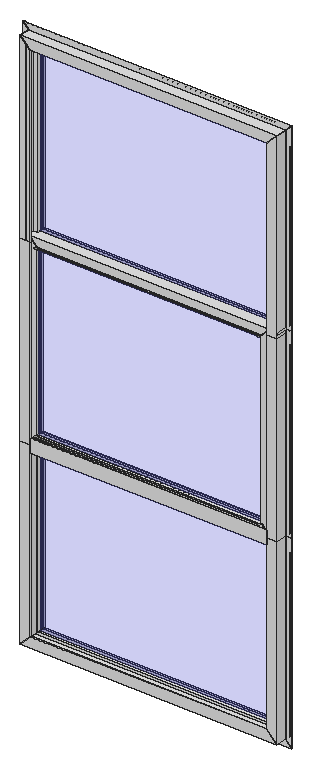
Revit family "591_SH-A_nailfin", category Windows, host Wall, Revit 2016 (continued)
Automatic sketch dimensions
  Extrusion 35 sketch curve to plane 18 = 0.6621"
  plane 14 to Extrusion 36 sketch curve = 0.2294"
  plane 18 to Extrusion 36 sketch curve = 0.2284"
  Extrusion 36 sketch curve to plane 14 = 1.15841"
  Extrusion 36 sketch curve to plane 18 = 1.15941"
  curve 34 to curve 32 = 2 1/2"  (x2)
  curve 32 to curve 33 = 2 1/2"
  curve 34 to curve 32 = 0"
  curve 28 to curve 35 = 1 1/2"
  curve 28 to curve 36 = 2 1/2"
  curve 43 to curve 41 = 2 1/2"  (x2)
  curve 43 to curve 42 = 2 1/2"
  curve 41 to curve 42 = 2 1/2"
  curve 37 to curve 44 = 1 1/2"
  curve 45 to plane 2 "Center (Left/Right)" = 1.31359"
  curve 49 to curve 53 = 2 1/2"
  curve 54 to curve 49 = 2"
  curve 57 to curve 56 = 0"
  curve 58 to curve 62 = 2 1/2"
  curve 63 to curve 58 = 2"
  curve 66 to curve 65 = 0"
  host wall to Extrusion 7 sketch curve = 0.2525"
  host wall to Extrusion 44 sketch curve = 0.2525"
  Extrusion 44 sketch curve to Extrusion 44 sketch curve = 0.744"
  host wall to Extrusion 8 sketch curve = 0.2525"
  Extrusion 8 sketch curve to Extrusion 8 sketch curve = 0.46326"
  Extrusion 8 sketch curve to Extrusion 8 sketch curve = 0.4425"
  Extrusion 9 sketch curve to Extrusion 9 sketch curve = 0.2425"
  plane 19 to Extrusion 9 sketch curve = 0.46326"
  host wall to Extrusion 9 sketch curve = 0.2525"
  Extrusion 43 sketch curve to Extrusion 43 sketch curve = 0.744"
  Extrusion 43 sketch curve to plane 23 "Front of glass" = 0"
  plane 21 to Extrusion 10 sketch curve = 0.46326"
  host wall to Extrusion 10 sketch curve = 0.2525"
  host wall to Extrusion 5 sketch curve = 0.2525"
  host wall to Extrusion 6 sketch curve = 0.2525"
  Extrusion 6 sketch curve to Extrusion 6 sketch curve = 0.46376"
  Extrusion 2 sketch curve to Extrusion 2 sketch curve = 0.744"
  Extrusion 2 sketch curve to Extrusion 2 sketch curve = 0.46326"
  Extrusion 1 sketch curve to Extrusion 1 sketch curve = 0.744"
  Extrusion 1 sketch curve to plane 12 = 1/2"
  Extrusion 3 sketch curve to Extrusion 3 sketch curve = 0.744"
  Extrusion 4 sketch curve to Extrusion 4 sketch curve = 1/2"
  Extrusion 4 sketch curve to Extrusion 4 sketch curve = 0.744"
Types (67): name | MLW | Interior Color | Height | Exterior Color | Width | BSU | BSL
  (no name) | 6" | White | 102" | White | 48" | 34" | 34"
  24x72 | 3" | none | 72" | none | 24" | 24" | 24"
  12x36Min | 1 1/2" | none | 36" | none | 12" | 12" | 12"
  48x108Max | 6" | none | 108" | none | 48" | 36" | 36"
  36x96 | 4 1/2" | none | 96" | none | 36" | 32" | 32"
  12x42 | 1 1/2" | none | 42" | none | 12" | 14" | 14"
  12x48 | 1 1/2" | none | 48" | none | 12" | 16" | 16"
  12x54 | 1 1/2" | none | 54" | none | 12" | 18" | 18"
  12x60 | 1 1/2" | none | 60" | none | 12" | 20" | 20"
  18x36 | 2 1/4" | none | 36" | none | 18" | 12" | 12"
  18x42 | 2 1/4" | none | 42" | none | 18" | 14" | 14"
  18x48 | 2 1/4" | none | 48" | none | 18" | 16" | 16"
  18x54 | 2 1/4" | none | 54" | none | 18" | 18" | 18"
  18x60 | 2 1/4" | none | 60" | none | 18" | 20" | 20"
  18x66 | 2 1/4" | none | 66" | none | 18" | 22" | 22"
  18x72 | 2 1/4" | none | 72" | none | 18" | 24" | 24"
  18x78 | 2 1/4" | none | 78" | none | 18" | 26" | 26"
  24x42 | 3" | none | 42" | none | 24" | 14" | 14"
  24x48 | 3" | none | 48" | none | 24" | 16" | 16"
  24x54 | 3" | none | 54" | none | 24" | 18" | 18"
  24x60 | 3" | none | 60" | none | 24" | 20" | 20"
  24x66 | 3" | none | 66" | none | 24" | 22" | 22"
  24x78 | 3" | none | 78" | none | 24" | 26" | 26"
  24x84 | 3" | none | 84" | none | 24" | 28" | 28"
  24x90 | 3" | none | 90" | none | 24" | 30" | 30"
  24x96 | 3" | none | 96" | none | 24" | 32" | 32"
  30x42 | 3 3/4" | none | 42" | none | 30" | 14" | 14"
  30x48 | 3 3/4" | none | 48" | none | 30" | 16" | 16"
  30x54 | 3 3/4" | none | 54" | none | 30" | 18" | 18"
  30x60 | 3 3/4" | none | 60" | none | 30" | 20" | 20"
  30x66 | 3 3/4" | none | 66" | none | 30" | 22" | 22"
  30x72 | 3 3/4" | none | 72" | none | 30" | 24" | 24"
  30x78 | 3 3/4" | none | 78" | none | 30" | 26" | 26"
  30x84 | 3 3/4" | none | 84" | none | 30" | 28" | 28"
  30x90 | 3 3/4" | none | 90" | none | 30" | 30" | 30"
  30x96 | 3 3/4" | none | 96" | none | 30" | 32" | 32"
  30x102 | 3 3/4" | none | 102" | none | 30" | 34" | 34"
  36x48 | 4 1/2" | none | 48" | none | 36" | 16" | 16"
  36x54 | 4 1/2" | none | 54" | none | 36" | 18" | 18"
  36x60 | 4 1/2" | none | 60" | none | 36" | 20" | 20"
  36x66 | 4 1/2" | none | 66" | none | 36" | 22" | 22"
  36x72 | 4 1/2" | none | 72" | none | 36" | 24" | 24"
  36x78 | 4 1/2" | none | 78" | none | 36" | 26" | 26"
  36x84 | 4 1/2" | none | 84" | none | 36" | 28" | 28"
  36x90 | 4 1/2" | none | 90" | none | 36" | 30" | 30"
  36x102 | 4 1/2" | none | 102" | none | 36" | 34" | 34"
  36x108 | 4 1/2" | none | 108" | none | 36" | 36" | 36"
  42x48 | 5 1/4" | none | 48" | none | 42" | 16" | 16"
  42x54 | 5 1/4" | none | 54" | none | 42" | 18" | 18"
  42x60 | 5 1/4" | none | 60" | none | 42" | 20" | 20"
  42x66 | 5 1/4" | none | 66" | none | 42" | 22" | 22"
  42x72 | 5 1/4" | none | 72" | none | 42" | 24" | 24"
  42x78 | 5 1/4" | none | 78" | none | 42" | 26" | 26"
  42x84 | 5 1/4" | none | 84" | none | 42" | 28" | 28"
  42x90 | 5 1/4" | none | 90" | none | 42" | 30" | 30"
  42x96 | 5 1/4" | none | 96" | none | 42" | 32" | 32"
  42x102 | 5 1/4" | none | 102" | none | 42" | 34" | 34"
  42x108 | 5 1/4" | none | 108" | none | 42" | 36" | 36"
  48x54 | 6" | none | 54" | none | 48" | 18" | 18"
  48x60 | 6" | none | 60" | none | 48" | 20" | 20"
  48x66 | 6" | none | 66" | none | 48" | 22" | 22"
  48x72 | 6" | none | 72" | none | 48" | 24" | 24"
  48x78 | 6" | none | 78" | none | 48" | 26" | 26"
  48x84 | 6" | none | 84" | none | 48" | 28" | 28"
  48x90 | 6" | none | 90" | none | 48" | 30" | 30"
  48x96 | 6" | none | 96" | none | 48" | 32" | 32"
  48x102 | 6" | White | 102" | White | 48" | 34" | 34"
